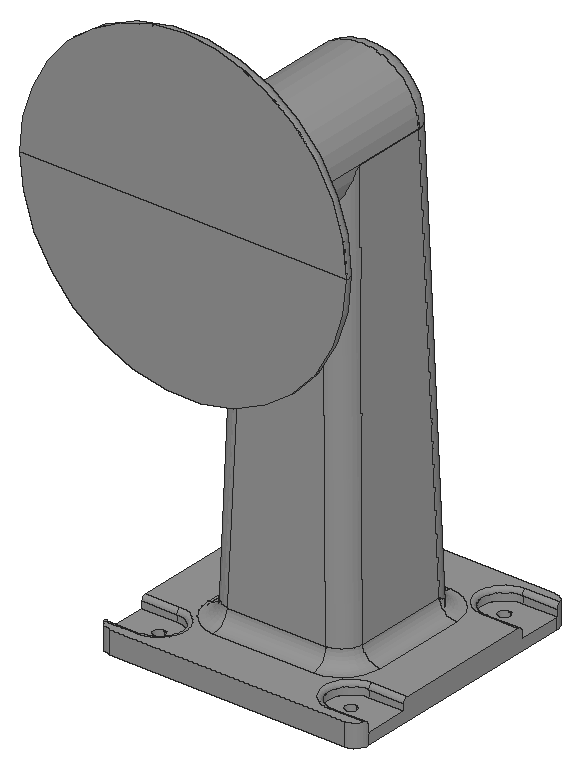
Revit family "ACC-MNT-2", category Security Devices, host Face, Revit 2019
Family settings
  Host = Face
  Maintain Annotation Orientation = Yes
  Round Connector Dimension = Use Diameter
  Part Type = Normal
  Cut with Voids When Loaded = No
  Shared = No
  Room Calculation Point = Yes
Parameters (values of type "ACC-MNT-2")
  URL = "https://docs.verkada.com/docs/accessories-overview.pdf"
  Type Image = <None>
  Model = "ACC-MNT-2"
  Manufacturer = "VERKADA"  # constant formula
  Description = "ACC-MNT-2 ARM MOUNT"
  Default Elevation = 2438.40 mm  # constant formula
Reference planes
  plane 1 "Center (Front/Back)": y = 0
  plane 2: z = 0
  plane 3 "Center (Left/Right)": x = 0
  plane 4: y = 58.5
  plane 5: x = -58.5
  plane 6: y = -58.5
  plane 7: x = 58.5
  plane 8: z = 10
  plane 9: z = 230.5
Forms (mm)
  Extrusion 1, solid, material "Verkada White"
    sketch origin (0, 0, 0) x (1, 0, 0) y (0, 1, 0)
      loop
        arc (-52.5, 58.5) -> (-56.743, 56.743) -> (-58.5, 52.5) r 6
        line (-58.5, 52.5) -> (-58.5, -52.5)
        arc (-58.5, -52.5) -> (-56.743, -56.743) -> (-52.5, -58.5) r 6
        line (-52.5, -58.5) -> (52.5, -58.5)
        arc (52.5, -58.5) -> (56.743, -56.743) -> (58.5, -52.5) r 6
        line (58.5, -52.5) -> (58.5, 52.5)
        arc (58.5, 52.5) -> (56.743, 56.743) -> (52.5, 58.5) r 6
        line (52.5, 58.5) -> (-52.5, 58.5)
    from 0 to 10
  Blend 2, solid, material "Verkada White"
    base sketch origin (0, 0, 0) x (1, 0, 0) y (0, 1, 0)
      loop
        line (22.124, 31) -> (-22.124, 31)
        arc (-22.124, 31) -> (-28.366, 27.831) -> (-31, 21.346) r 10
        line (-31, 21.346) -> (-31, -21.346)
        arc (-31, -21.346) -> (-28.366, -27.831) -> (-22.124, -31) r 10
        line (-22.124, -31) -> (22.124, -31)
        arc (22.124, -31) -> (28.366, -27.831) -> (31, -21.346) r 10
        line (31, -21.346) -> (31, 21.346)
        arc (31, 21.346) -> (28.366, 27.831) -> (22.124, 31) r 10
    top sketch origin (0, 0, 0) x (1, 0, 0) y (0, 1, 0)
      loop
        line (25.5, -16.5) -> (25.5, 16.5)
        arc (25.5, 16.5) -> (22.864, 22.864) -> (16.5, 25.5) r 9
        line (16.5, 25.5) -> (-16.5, 25.5)
        arc (-16.5, 25.5) -> (-22.864, 22.864) -> (-25.5, 16.5) r 9
        line (-25.5, 16.5) -> (-25.5, -16.5)
        arc (-25.5, -16.5) -> (-22.864, -22.864) -> (-16.5, -25.5) r 9
        line (-16.5, -25.5) -> (16.5, -25.5)
        arc (16.5, -25.5) -> (22.864, -22.864) -> (25.5, -16.5) r 9
    from 10 to 205
  Revolve 3, solid, material "Verkada White"
    sketch origin (0, 0, 205) x (1, 0, 0) y (0, 1, 0)
      loop
        line (0, -58.5) -> (0, -83) -> (73, -83)
        arc (73, -83) -> (72.573, -80.145) -> (70.562, -78.073) r 4.718
        arc (70.562, -78.073) -> (48.585, -67.804) -> (25.653, -59.889) r 231.658
        arc (25.653, -59.889) -> (25.031, -59.123) -> (24.264, -58.5) r 4.802
        line (24.264, -58.5) -> (0, -58.5)
      axis (0, -83) -> (0, -58.5)
    angle from 0 to 360
  Revolve 4, solid, material "Verkada White"
    sketch origin (0, 0, 205) x (1, 0, 0) y (0, 1, 0)
      loop
        line (0, 25.5) -> (0, -58.5) -> (25.5, -58.5) -> (25.5, 16.5)
        arc (25.5, 16.5) -> (22.864, 22.864) -> (16.5, 25.5) r 9
        line (16.5, 25.5) -> (0, 25.5)
      axis (0, -58.5) -> (0, 25.5)
    angle from 0 to 360
  Sweep 5, solid, material "Verkada White"
    path in 3D
      loop
        arc (31, 21.346, 10) -> (28.366, 27.831, 10) -> (22.124, 31, 10) r 10
        line (22.124, 31, 10) -> (-22.124, 31, 10)
        arc (-22.124, 31, 10) -> (-28.366, 27.831, 10) -> (-31, 21.346, 10) r 10
        line (-31, 21.346, 10) -> (-31, -21.346, 10)
        arc (-31, -21.346, 10) -> (-28.366, -27.831, 10) -> (-22.124, -31, 10) r 10
        line (-22.124, -31, 10) -> (22.124, -31, 10)
        arc (22.124, -31, 10) -> (28.366, -27.831, 10) -> (31, -21.346, 10) r 10
        line (31, -21.346, 10) -> (31, 21.346, 10)
    profile origin (31, 0, 10) x (1, 0, 0) y (0, 0, -1)
      loop
        line (0, 0) -> (-0.201, -7.117)
        arc (-0.201, -7.117) -> (2.159, -1.931) -> (7.52, 0) r 7.334
        line (7.52, 0) -> (0, 0)
  Extrusion 6, void
    sketch origin (0, 0, 10) x (0, 1, 0) y (1, 0, 0)
      loop
        arc (32.883, 42.891) -> (42.883, 32.891) -> (52.883, 42.891) r 10
        line (52.883, 42.891) -> (52.883, 60.753) -> (32.883, 60.753) -> (32.883, 42.891)
    from 0 to 5
  Extrusion 7, void
    sketch origin (0, 0, 10) x (0, -1, 0) y (-1, 0, 0)
      loop
        line (-32.883, 42.891) -> (-32.883, 60.753) -> (-52.883, 60.753) -> (-52.883, 42.891)
        arc (-52.883, 42.891) -> (-42.883, 32.891) -> (-32.883, 42.891) r 10
    from 0 to 5
  Extrusion 8, void
    sketch origin (0, 0, 10) x (0, -1, 0) y (-1, 0, 0)
      loop
        arc (32.883, 42.891) -> (42.883, 32.891) -> (52.883, 42.891) r 10
        line (52.883, 42.891) -> (52.883, 60.753) -> (32.883, 60.753) -> (32.883, 42.891)
    from 0 to 5
  Extrusion 9, void
    sketch origin (0, 0, 10) x (0, 1, 0) y (1, 0, 0)
      loop
        line (-32.883, 42.891) -> (-32.883, 60.753) -> (-52.883, 60.753) -> (-52.883, 42.891)
        arc (-52.883, 42.891) -> (-42.883, 32.891) -> (-32.883, 42.891) r 10
    from 0 to 5
  Sweep 10, void
    path origin (0, 0, 10) x (1, 0, 0) y (0, 1, 0)
      loop
        line (58.5, 32.883) -> (42.891, 32.883)
        arc (42.891, 32.883) -> (32.891, 42.883) -> (42.891, 52.883) r 10
        line (42.891, 52.883) -> (58.488, 52.883)
    profile origin (50.696, 32.883, 10) x (0, -1, 0) y (0, 0, 1)
      loop
        line (1.883, 0) -> (0, 0) -> (0, -1.883)
        arc (0, -1.883) -> (0.552, -0.552) -> (1.883, 0) r 1.883
  Extrusion 11, void
    sketch origin (0, 0, 10) x (0, 1, 0) y (1, 0, 0)
      loop
        circle (42.878, 42.878) r 2.65
    from 2 to 10
  Sweep 12, void
    path origin (0, 0, 10) x (-1, 0, 0) y (0, -1, 0)
      loop
        line (58.5, -32.883) -> (42.891, -32.883)
        arc (42.891, -32.883) -> (32.891, -42.883) -> (42.891, -52.883) r 10
        line (42.891, -52.883) -> (58.488, -52.883)
    profile origin (-50.696, 32.883, 10) x (0, 1, 0) y (0, 0, 1)
      loop
        arc (-1.883, 0) -> (-0.552, -0.552) -> (0, -1.883) r 1.883
        line (0, -1.883) -> (0, 0) -> (-1.883, 0)
  Extrusion 13, void
    sketch origin (0, 0, 10) x (0, -1, 0) y (-1, 0, 0)
      loop
        circle (-42.878, 42.878) r 2.65
    from 2 to 10
  Sweep 14, void
    path origin (0, 0, 10) x (-1, 0, 0) y (0, -1, 0)
      loop
        line (58.5, 32.883) -> (42.891, 32.883)
        arc (42.891, 32.883) -> (32.891, 42.883) -> (42.891, 52.883) r 10
        line (42.891, 52.883) -> (58.488, 52.883)
    profile origin (-50.696, -32.883, 10) x (0, 1, 0) y (0, 0, 1)
      loop
        line (1.883, 0) -> (0, 0) -> (0, -1.883)
        arc (0, -1.883) -> (0.552, -0.552) -> (1.883, 0) r 1.883
  Extrusion 15, void
    sketch origin (0, 0, 10) x (0, -1, 0) y (-1, 0, 0)
      loop
        circle (42.878, 42.878) r 2.65
    from 2 to 10
  Sweep 16, void
    path origin (0, 0, 10) x (1, 0, 0) y (0, 1, 0)
      loop
        line (58.5, -32.883) -> (42.891, -32.883)
        arc (42.891, -32.883) -> (32.891, -42.883) -> (42.891, -52.883) r 10
        line (42.891, -52.883) -> (58.488, -52.883)
    profile origin (50.696, -32.883, 10) x (0, -1, 0) y (0, 0, 1)
      loop
        arc (-1.883, 0) -> (-0.552, -0.552) -> (0, -1.883) r 1.883
        line (0, -1.883) -> (0, 0) -> (-1.883, 0)
  Extrusion 17, void
    sketch origin (0, 0, 10) x (0, 1, 0) y (1, 0, 0)
      loop
        circle (-42.878, 42.878) r 2.65
    from 2 to 10
Cuts and joins
  Extrusion 6, Extrusion 7, Extrusion 8, Extrusion 9, Sweep 10, Extrusion 11, Sweep 12, Extrusion 13, Sweep 14, Extrusion 15, Sweep 16, Extrusion 17 cuts Extrusion 1
Lines and regions (mm)
  sketch lines
    curve 1: line (31, -21.346, 10) -> (31, 21.346, 10)
    curve 2: arc (22.124, -31, 10) -> (28.366, -27.831, 10) -> (31, -21.346, 10) r 10
    curve 3: line (-22.124, -31, 10) -> (22.124, -31, 10)
    curve 4: arc (-31, -21.346, 10) -> (-28.366, -27.831, 10) -> (-22.124, -31, 10) r 10
    curve 5: line (-31, 21.346, 10) -> (-31, -21.346, 10)
    curve 6: arc (-22.124, 31, 10) -> (-28.366, 27.831, 10) -> (-31, 21.346, 10) r 10
    curve 7: line (22.124, 31, 10) -> (-22.124, 31, 10)
    curve 8: arc (31, 21.346, 10) -> (28.366, 27.831, 10) -> (22.124, 31, 10) r 10
Dimensions and locks
  equal spacing: plane 5, plane 3 "Center (Left/Right)", plane 7
  plane 5 to plane 7 = 117.00 mm
  equal spacing: plane 6, plane 1 "Center (Front/Back)", plane 4
  plane 6 to plane 4 = 117.00 mm
  locked: plane 8 to plane 2 at 10
  plane 9 to host face = 230.50 mm
  aligned and locked: plane 2 to host face
  aligned and locked: level to host face
  aligned and locked: plane 4 to Extrusion 1 sketch curve
  aligned and locked: plane 5 to Extrusion 1 sketch curve
  aligned and locked: Extrusion 1 sketch curve to plane 6
  aligned and locked: Extrusion 1 sketch curve to plane 7
Automatic sketch dimensions
  host sketch curve to host sketch curve = 2438.40 mm  (x2)
  Extrusion 1 sketch curve to plane 5 = 0.00 mm
  plane 5 to Extrusion 1 sketch curve = 6.00 mm
  Extrusion 1 sketch curve to Extrusion 1 sketch curve = 6.00 mm
  Extrusion 1 sketch curve to plane 6 = 6.00 mm
  Extrusion 1 sketch curve to plane 7 = 6.00 mm
  plane 5 to Blend 2 sketch curve = 27.50 mm
  Blend 2 sketch curve to Blend 2 sketch curve = 8.876 mm  (x2)
  Blend 2 sketch curve to Blend 2 sketch curve = 1.12 mm  (x4)
  plane 3 "Center (Left/Right)" to Blend 2 sketch curve = 21.004 mm  (x2)
  Blend 2 sketch curve to Blend 2 sketch curve = 9.996 mm
  Blend 2 sketch curve to plane 6 = 27.50 mm
  Blend 2 sketch curve to Blend 2 sketch curve = 9.654 mm  (x2)
  Blend 2 sketch curve to plane 1 "Center (Front/Back)" = 21.063 mm  (x2)
  Blend 2 sketch curve to Blend 2 sketch curve = 0.283 mm
  Blend 2 sketch curve to plane 3 "Center (Left/Right)" = 25.50 mm
  Blend 2 sketch curve to Blend 2 sketch curve = 9.00 mm  (x3)
  plane 3 "Center (Left/Right)" to Blend 2 sketch curve = 16.50 mm  (x2)
  plane 1 "Center (Front/Back)" to Blend 2 sketch curve = 25.50 mm
  Blend 2 sketch curve to plane 1 "Center (Front/Back)" = 16.50 mm
  Revolve 3 sketch curve to plane 3 "Center (Left/Right)" = 0.00 mm  (x2)
  plane 6 to Revolve 3 sketch curve = 0.00 mm
  plane 5 to Revolve 3 sketch curve = 20.142 mm
  plane 6 to Revolve 3 sketch curve = 4.018 mm
  plane 3 "Center (Left/Right)" to Revolve 3 sketch curve = 21.635 mm
  Revolve 3 sketch curve to Revolve 3 sketch curve = 2.629 mm
  plane 7 to Revolve 3 sketch curve = 9.844 mm
  Revolve 3 sketch curve to Revolve 3 sketch curve = 4.656 mm
  plane 6 to Revolve 3 sketch curve = 23.737 mm
  plane 6 to Revolve 3 sketch curve = 24.50 mm
  Revolve 3 sketch curve to Revolve 3 sketch curve = 199.528 mm
  plane 6 to Revolve 3 sketch curve = 1.389 mm
  plane 1 "Center (Front/Back)" to Revolve 3 sketch curve = 2.864 mm
  Revolve 3 sketch curve to plane 1 "Center (Front/Back)" = 4.37 mm
  Revolve 4 sketch curve to plane 3 "Center (Left/Right)" = 0.00 mm  (x2)
  plane 6 to Revolve 4 sketch curve = 0.00 mm
  plane 3 "Center (Left/Right)" to Revolve 4 sketch curve = 16.50 mm
  plane 3 "Center (Left/Right)" to Revolve 4 sketch curve = 25.50 mm
  Revolve 4 sketch curve to plane 1 "Center (Front/Back)" = 16.50 mm
  plane 1 "Center (Front/Back)" to Revolve 4 sketch curve = 2.864 mm
  Revolve 4 sketch curve to plane 1 "Center (Front/Back)" = 4.37 mm
  profile plane to Sweep 5 sketch curve = 0.00 mm
  Sweep 5 sketch curve to profile plane = 0.00 mm
  profile plane to Sweep 5 sketch curve = 0.201 mm
  Sweep 5 sketch curve to profile plane = 7.131 mm
  Sweep 5 sketch curve to Sweep 5 sketch curve = 0.389 mm
  Sweep 5 sketch curve to profile plane = 7.117 mm
  Extrusion 1 to Extrusion 6 sketch curve = 2.253 mm
  Extrusion 6 sketch curve to Extrusion 1 = 25.617 mm
  Extrusion 6 sketch curve to Extrusion 6 sketch curve = 10.00 mm
  Extrusion 6 sketch curve to Extrusion 1 = 15.609 mm
  Extrusion 6 sketch curve to Extrusion 6 sketch curve = 0.00 mm
  Extrusion 1 to Extrusion 7 sketch curve = 2.253 mm
  Extrusion 7 sketch curve to Extrusion 1 = 5.617 mm
  Extrusion 7 sketch curve to Extrusion 7 sketch curve = 10.00 mm
  Extrusion 7 sketch curve to Extrusion 1 = 15.609 mm
  Extrusion 7 sketch curve to Extrusion 7 sketch curve = 0.00 mm
  Extrusion 1 to Extrusion 8 sketch curve = 2.253 mm
  Extrusion 8 sketch curve to Extrusion 1 = 25.617 mm
  Extrusion 8 sketch curve to Extrusion 8 sketch curve = 10.00 mm
  Extrusion 8 sketch curve to Extrusion 1 = 15.609 mm
  Extrusion 8 sketch curve to Extrusion 8 sketch curve = 0.00 mm
  Extrusion 1 to Extrusion 9 sketch curve = 2.253 mm
  Extrusion 9 sketch curve to Extrusion 1 = 5.617 mm
  Extrusion 9 sketch curve to Extrusion 9 sketch curve = 10.00 mm
  Extrusion 9 sketch curve to Extrusion 1 = 15.609 mm
  Extrusion 9 sketch curve to Extrusion 9 sketch curve = 0.00 mm
  Sweep 10 sketch curve to Extrusion 1 = 0.00 mm
  Sweep 10 sketch curve to Extrusion 1 = 5.617 mm
  Sweep 10 sketch curve to Extrusion 1 = 15.609 mm
  Sweep 10 sketch curve to Sweep 10 sketch curve = 10.00 mm
  Sweep 10 sketch curve to Extrusion 1 = 0.012 mm
  Sweep 10 sketch curve to profile plane = 0.00 mm  (x2)
  Sweep 10 sketch curve to profile plane = 1.883 mm
  Extrusion 11 sketch curve to Extrusion 1 = 15.622 mm  (x2)
  Sweep 12 sketch curve to Extrusion 1 = 0.00 mm
  Sweep 12 sketch curve to Extrusion 1 = 5.617 mm
  Sweep 12 sketch curve to Extrusion 1 = 15.609 mm
  Sweep 12 sketch curve to Sweep 12 sketch curve = 10.00 mm
  Sweep 12 sketch curve to Extrusion 1 = 0.012 mm
  Sweep 12 sketch curve to profile plane = 0.00 mm  (x2)
  profile plane to Sweep 12 sketch curve = 1.883 mm
  Extrusion 13 sketch curve to Extrusion 1 = 15.622 mm  (x2)
  Sweep 14 sketch curve to Extrusion 1 = 0.00 mm
  Sweep 14 sketch curve to Extrusion 1 = 5.617 mm
  Sweep 14 sketch curve to Extrusion 1 = 15.609 mm
  Sweep 14 sketch curve to Sweep 14 sketch curve = 10.00 mm
  Sweep 14 sketch curve to Extrusion 1 = 0.012 mm
  Sweep 14 sketch curve to profile plane = 0.00 mm  (x2)
  Sweep 14 sketch curve to Sweep 14 sketch curve = 1.883 mm
  Extrusion 15 sketch curve to Extrusion 1 = 15.622 mm  (x2)
  Sweep 16 sketch curve to Extrusion 1 = 0.00 mm
  Sweep 16 sketch curve to Extrusion 1 = 5.617 mm
  Sweep 16 sketch curve to Extrusion 1 = 15.609 mm
  Sweep 16 sketch curve to Sweep 16 sketch curve = 10.00 mm
  Sweep 16 sketch curve to Extrusion 1 = 0.012 mm
  Sweep 16 sketch curve to profile plane = 0.00 mm  (x2)
  profile plane to Sweep 16 sketch curve = 1.883 mm
  Extrusion 17 sketch curve to Extrusion 1 = 15.622 mm  (x2)
  radius of Extrusion 11 sketch curve = 2.65 mm
  radius of Extrusion 13 sketch curve = 2.65 mm
  radius of Extrusion 15 sketch curve = 2.65 mm
  radius of Extrusion 17 sketch curve = 2.65 mm
